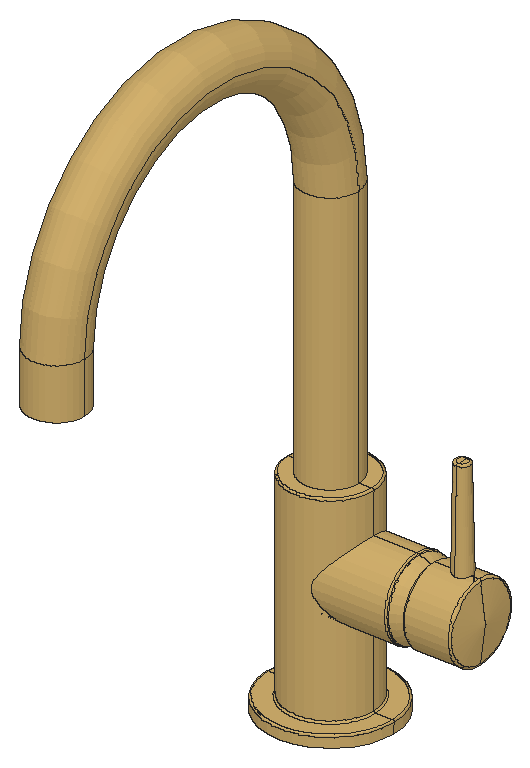
Revit family "Delta Single Handle Bar Prep Faucet 1959LF-CZ", category Plumbing Fixtures, host Face, Revit 2013
Parameters (values of type "Delta Single Handle Bar Prep Faucet 1959LF-CZ")
  URL = "http://www.deltafaucet.com/kitchen/details/1959lf-cz.html"
  Height = 293 mm
  Length = 186 mm
  Depth = 96 mm
  Model = "1959LF-CZ"
  Manufacturer = "Delta"
  Faucet = Champagne Bronze
  Default Elevation = 1219.2 mm
  CW Connection = yes
Reference planes
  plane 1 "Center (Front/Back)": y = 0
  plane 2: z = 0
  plane 3 "Center (Left/Right)": x = 0
Dimensions and locks
  aligned and locked: plane 2 to host face
  aligned and locked: level to host face
  aligned and locked: level to nested 1
Nested families
  nested 1: "1959LF" at (0, 0, 0), type "1959LF"
Connectors
  piping at (0, 0, 0)
    settings: on host face, index 1, connector radius 12", flow factor 0, pipe flow 0 GPM, pressure drop 0.00 psi, fitting loss kfactor 0, connector angle 0.00°, fixture units 0, engagement length 0 mm, flow configuration 0, flow direction 0, fitting loss method 0, system type 7, joint type 0, gender type 0, connector reference index -1, connector utility 0, adjustable connector no, is connector primary yes, fitting loss table "", connector description ""
Definition of nested family "1959LF"
  Parameters (values of type "1959LF")
    URL = ""
    Tap = Champagne Bronze
    Model = ""
    Manufacturer = "Delta"
  Reference planes
    plane 1 "Center (Front/Back)": y = 0
    plane 2: z = 0
    plane 3 "Center (Left/Right)": x = 0
    plane 4: through (0, -68.849, 780.76) normal (0, -0.9945, 0.1045)
    plane 5: z = 185
    plane 6: y = -150
    plane 7: z = 293
    plane 8: y = -28
    plane 9: x = 58
  Forms (mm)
    Revolve 1, solid, material "Champagne Bronze" <- "Tap"
      sketch origin (-935.825, 0, -683.27) x (1, 0, 0) y (0, 0, 1)
        loop
          line (963.825, 683.27) -> (963.825, 687.563)
          arc (963.825, 687.563) -> (963.601, 688.102) -> (963.063, 688.325) r 0.762
          line (963.063, 688.325) -> (955.594, 688.325)
          arc (955.594, 688.325) -> (955.046, 688.555) -> (954.825, 689.106) r 0.769
          line (954.825, 689.106) -> (935.825, 689.106) -> (935.825, 683.27) -> (963.825, 683.27)
        axis (935.825, 689.106) -> (935.825, 683.27)
      angle from 0 to 360
    Sweep 2, solid, material "Champagne Bronze" <- "Tap"
      path origin (0, 0, -615.228) x (0, 1, 0) y (0, 0, 1)
        loop
          line (0, 707.728) -> (0, 822.728)
          arc (0, 822.728) -> (-75, 897.728) -> (-150, 822.728) r 75
          line (-150, 822.728) -> (-150, 800.228)
      profile origin (0, 0, 150) x (0, -1, 0) y (1, 0, 0)
        loop
          circle (0, -0.214) r 12.5
    Revolve 3, solid, material "Champagne Bronze" <- "Tap"
      sketch origin (-12.031, -0.625, -18.152) x (1, 0, 0) y (0, 0, 1)
        loop
          line (18.194, 57.969) -> (50.303, 57.969)
          arc (50.303, 57.969) -> (50.805, 58.158) -> (51.058, 58.632) r 0.762
          arc (51.058, 58.632) -> (51.251, 58.164) -> (51.75, 58.094) r 0.508
          arc (51.75, 58.094) -> (54.386, 59.327) -> (56.864, 60.853) r 25.4
          arc (56.864, 60.853) -> (57.423, 59.564) -> (58.44, 58.595) r 3.528
          line (58.44, 58.595) -> (77.672, 58.595)
          arc (77.672, 58.595) -> (78.309, 58.82) -> (78.665, 59.394) r 1.016
          arc (78.665, 59.394) -> (80.054, 67.386) -> (80.743, 75.469) r 93.198
          line (80.743, 75.469) -> (18.194, 75.469) -> (18.194, 57.969)
        axis (80.743, 75.469) -> (18.194, 75.469)
      angle from 0 to 360
    Revolve 4, solid, material "Champagne Bronze" <- "Tap"
      sketch origin (57.969, -52.984, 15.533) x (0, 0.707107, -0.707107) y (0, 0.707107, 0.707107)
        loop
          line (1.961, 78.715) -> (-31.94, 111.453)
          arc (-31.94, 111.453) -> (-32.476, 111.667) -> (-33.008, 111.444) r 0.762
          line (-33.008, 111.444) -> (-34.761, 109.691) -> (-0.912, 75.842) -> (1.961, 78.715)
        axis (-0.912, 75.842) -> (-34.761, 109.691)
      angle from 0 to 360
    Revolve 5, solid, material "Champagne Bronze" <- "Tap"
      sketch origin (-935.825, 0, -683.27) x (1, 0, 0) y (0, 0, 1)
        loop
          line (954.825, 689.106) -> (954.825, 775.446)
          arc (954.825, 775.446) -> (954.604, 775.979) -> (954.07, 776.2) r 0.755
          line (954.07, 776.2) -> (935.825, 776.2) -> (935.825, 689.106) -> (954.825, 689.106)
        axis (935.825, 689.106) -> (935.825, 776.2)
      angle from 0 to 360
  Dimensions and locks
    level to plane 5 = 185 mm
    plane 6 to plane 1 "Center (Front/Back)" = 150 mm
    level to plane 7 = 293 mm
    plane 8 to plane 1 "Center (Front/Back)" = 28 mm
    plane 3 "Center (Left/Right)" to plane 9 = 58 mm
    Revolve 3 sketch curve to Revolve 3 sketch curve = 17.5 mm
